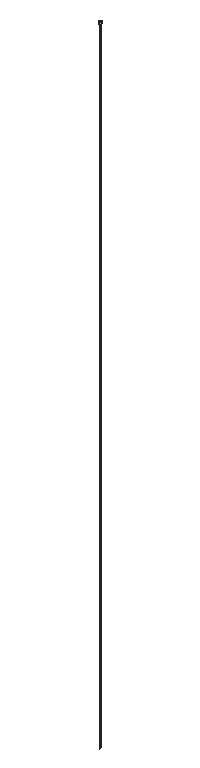
Revit family "FCCP20", category Generic Models, Revit 2017
Family settings
  Can host rebar = No
  Round Connector Dimension = Use Diameter
  Part Type = Normal
  Work Plane-Based = Yes
  Always vertical = No
  Cut with Voids When Loaded = No
  Shared = No
  Room Calculation Point = No
Parameters (values of type "NBS Standard Parameters")
  Weight = "0.62kg"
  WarrantyStartDate [instance] = "1900-12-31T23:59:59"
  WarrantyGuarantorParts = "12 Months"
  WarrantyGuarantorLabor = "n/a"
  WarrantyDurationUnit = "12 Months"
  WarrantyDurationParts = "n/a"
  WarrantyDurationLabor = "n/a"
  WarrantyDescription = "n/a"
  Version = "1"
  Uniclass2 = "Pr_65_70_11_30"
  URL = "www.metpro.co.uk"
  TagNumber [instance] = "n/a"
  SustainabilityPerformance = "n/a"
  Size = "20mm"
  Shape = "Circular"
  SerialNumber [instance] = "n/a"
  Revision = "n/a"
  ReplacementCost = "n/a"
  ProductInformation = "www.metpro.co.uk/pdf/fccp20.pdf"
  NominalWidth = 20 mm
  NominalLength = 10000 mm
  NominalHeight = 20 mm
  Name = "FCCP20 - PVC FLEXIBLE CONDUIT PACK"
  NBSTypeID = "n/a"
  NBSReference = "90-55-10/360"
  NBSOfficeMasterTag = "n/a"
  NBSNote = "n/a"
  NBSDescription = "Flexible Conduit"
  NBSCertification = "n/a"
  ModelReference = "Flexiconduit lengths"
  ModelNumber = "FCCP20"
  Material = "PVC"
  ManufacturerURL = "www.metpro.co.uk"
  ManufacturerName = "Metpro ltd"
  Manufacturer = "Metpro Limited"
  Keynote = "IP40 Rated"
  InstallationDate [instance] = "1900-12-31T23:59:59"
  IfcExportType = ""
  IfcExportAs = ""
  Grade = "n/a"
  Finish = "Black"
  Features = "n/a"
  ExpectedLife = "n/a"
  DurationUnit = "1 Year"
  Description = "FCCP20 - 20mm Flexible Conduit Contractor Pack c/w glands"
  Default Elevation = 1219.2 mm
  Constituents = "n/a"
  Color = "Black"
  CodePerformance = "n/a"
  Category = "n/a"
  BarCode [instance] = "n/a"
  BIMObjectName = "Metpro_Metprolibrary_PVCFlexibleconduit_PVCcontractorpack"
  Author = "Metpro"
  AssetType = "Fixed"
  AssetIdentifier [instance] = "n/a"
  AccessibilityPerformance = "n/a"
Reference planes
  plane 1 "Center (Front/Back)": y = 0
  plane 2: z = -49.367
  plane 3 "Center (Left/Right)": x = 0
Forms (mm)
  Revolve 1, solid
    sketch origin (48.178, 99.234, -25.271) x (1, 0, 0) y (0, 0, 1)
      loop
        line (-15, 9.477) -> (0, 9.477) -> (0, 54.953) -> (-9.025, 54.953) -> (-10, 54.39) -> (-9.134, 53.89) -> (-10, 53.39) -> (-9.103, 52.872) -> (-10, 52.354) -> (-9.15, 51.863) -> (-10, 51.373) -> (-9.111, 50.86) -> (-10, 50.347) -> (-9.15, 49.856) -> (-10, 49.365) -> (-9.111, 48.851) -> (-10, 48.338) -> (-9.159, 47.852) -> (-10, 47.367) -> (-10, 43.275) -> (-15, 43.275) -> (-15, 14.251) -> (-12.175, 14.251) -> (-12.175, 12.484) -> (-15, 12.484) -> (-15, 9.477)
      axis (0, 9.477) -> (0, 54.953)
    angle from 0 to 360
  Extrusion 2, void
    sketch origin (48.178, 99.234, -15.794) x (1, 0, 0) y (0, 1, 0)
      loop
        circle (0, 0) r 10
    from 0 to 20
  Extrusion 3, solid
    sketch origin (48.178, 99.234, 18.004) x (0, 1, 0) y (-1, 0, 0)
      loop
        line (-7.177, 13.145) -> (-14.766, 0) -> (-7.177, -13.145) -> (8.001, -13.145) -> (15.59, 0) -> (8.001, 13.145) -> (-7.177, 13.145)
      loop
        circle (0, 0) r 10
    from 0 to 5
  Extrusion 4, void
    sketch origin (48.178, 99.234, 18.004) x (-1, 0, 0) y (0, 1, 0)
      loop
        circle (0, 0) r 8.092
    from 20 to -20
  Extrusion 5, void
    sketch origin (61.323, 92.056, 18.004) x (0, -1, 0) y (0, 0, 1)
      loop
        line (-7.589, -1.982) -> (-12.589, -1.982) -> (-12.589, -11.982) -> (-2.589, -11.982) -> (-2.589, -1.982) -> (-7.589, -1.982)
    from 0 to -20
  Extrusion 6, void
    sketch origin (61.323, 107.235, 18.004) x (0.866025, -0.5, 0) y (0, 0, 1)
      loop
        line (-7.589, -1.982) -> (-12.589, -1.982) -> (-12.589, -11.982) -> (-2.589, -11.982) -> (-2.589, -1.982) -> (-7.589, -1.982)
    from 0 to -20
  Extrusion 7, void
    sketch origin (48.178, 114.824, 18.004) x (0.866025, 0.5, 0) y (0, 0, 1)
      loop
        line (-7.589, -2.042) -> (-12.589, -2.042) -> (-12.589, -12.042) -> (-2.589, -12.042) -> (-2.589, -2.042) -> (-7.589, -2.042)
    from 0 to -20
  Extrusion 8, void
    sketch origin (48.178, 84.467, 18.004) x (-0.866025, -0.5, 0) y (0, 0, 1)
      loop
        line (-7.589, -2.02) -> (-12.589, -2.02) -> (-12.589, -12.02) -> (-2.589, -12.02) -> (-2.589, -2.02) -> (-7.589, -2.02)
    from 0 to -20
  Extrusion 9, void
    sketch origin (35.034, 92.056, 18.004) x (-0.866025, 0.5, 0) y (0, 0, 1)
      loop
        line (-7.125, -1.961) -> (-12.125, -1.961) -> (-12.125, -11.961) -> (-2.125, -11.961) -> (-2.125, -1.961) -> (-7.125, -1.961)
    from 0 to -20
  Extrusion 10, void
    sketch origin (35.034, 107.235, 18.004) x (0, 1, 0) y (0, 0, 1)
      loop
        line (-8.001, -1.982) -> (-13.001, -1.982) -> (-13.001, -11.982) -> (-3.001, -11.982) -> (-3.001, -1.982) -> (-8.001, -1.982)
    from 0 to -20
  Extrusion 11, void
    sketch origin (35.034, 107.235, 18.004) x (0, 1, 0) y (0, 0, 1)
      loop
        line (-8.001, -16.982) -> (-13.001, -16.982) -> (-13.001, -24.49) -> (-3.001, -24.49) -> (-3.001, -16.982) -> (-8.001, -16.982)
    from 50 to -20
  Extrusion 12, solid
    sketch origin (48.178, 99.234, 4.206) x (0, 1, 0) y (1, 0, 0)
      loop
        circle (0, 0) r 10
      loop
        circle (0, 0) r 8.092
    from 0 to 10000
Cuts and joins
  Extrusion 2, Extrusion 4, Extrusion 5, Extrusion 6, Extrusion 7, Extrusion 8, Extrusion 9, Extrusion 10, Extrusion 11 cuts Revolve 1
Dimensions and locks
  aligned and locked: level to plane 2
